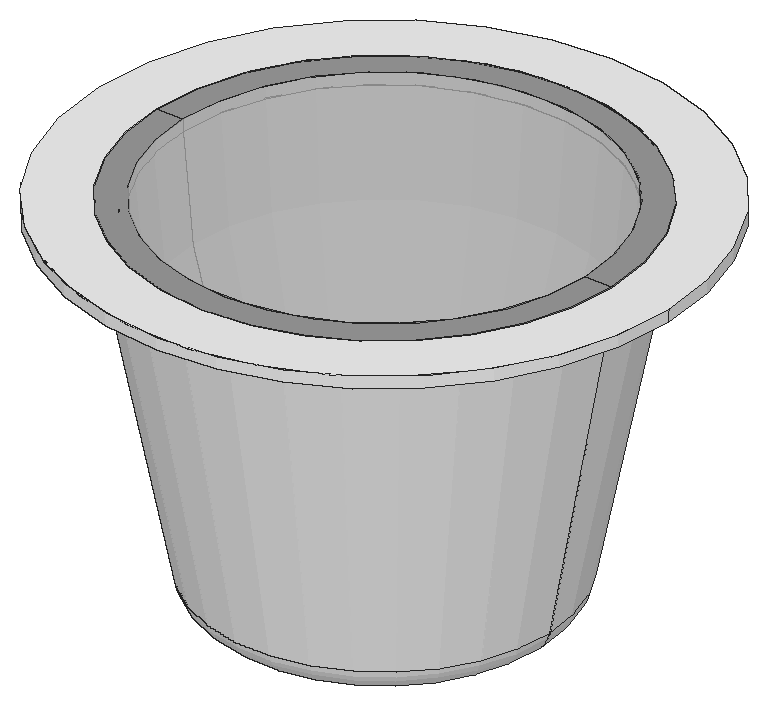
Revit family "2060537 Sylvania Lighting Fixture ASCENT100 II ARCH 2000 4K DALI 120", category Lighting Fixtures, host Face, Revit 2016
Family settings
  Host = Face
  Part Type = Normal
  Round Connector Dimension = Use Diameter
  OmniClass Number = 23.80.70.11.17
  OmniClass Title = Specialized Lighting by Location or Use
  Cut with Voids When Loaded = No
  Light Source = Yes
  Shared = No
  Room Calculation Point = No
Parameters (values of type "2060537 ASCT100 II ARCH 2000 4K DALI 120")
  Weight = "0.715 kg"
  WarrantyStartDate [instance] = "n/a"
  WarrantyGuarantorParts = "n/a"
  WarrantyDurationUnit = "n/a"
  WarrantyDurationParts = "n/a"
  WarrantyDescription = "n/a"
  Voltage = 0 V
  TypeName = "ASCENT100 II ARCH 2000 4K DALI 120"
  SerialNumber [instance] = "n/a"
  ReflectorRadius_SYL = Radius_SYL - 15.0 mm  # 60.0 mm
  PowerFactor = 0
  PowerConsumption = "18 W"
  NominalWidth = 0.0 mm
  NominalLength = 0.0 mm
  NominalHeight = 94.0 mm
  Name = "ASCENT100 II ARCH 2000 4K DALI 120"
  ModelReference = "ASCENT100 II ARCH 2000 4K DALI 120"
  ModelNumber = "2060537"
  Material_4_SYL = Aluminium_Sylvania_Ascent_Silver
  Radius_SYL = 75.0 mm
  Wattage = 18 W
  built-in parameter 1150110 = 1 (stored number, unit not read)
  URL = "http://www.sylvania-lighting.com"
  built-in parameter 1114217 = 1 (stored number, unit not read)
  Tilt Angle = -90°
  built-in parameter 1150109 = 1 (stored number, unit not read)
  built-in parameter 1150134 = 12
  built-in parameter 1150113 = 1 (stored number, unit not read)
  Photometric Web File = "2060537.ies"
  Material = "aluminium housing, acrylic diffuser"
  ManufacturerName = "Feilo Sylvania"
  LuminousEfficacy = "113 lm/W"
  LuminaireType = ""
  LightOutputRatio = "100"
  LampsType = Lamp  # "LED"
  LampNominalLuminous = "2029 lm"
  LampMacAdamStep = "n/a"
  LampColourTemperature = "4000 K"
  LampColourRenderingIndex = "80"
  Keynote = "16500"
  InstallationDate [instance] = "n/a"
  InputVoltage = "n/a"
  InputNominalFrequency = "n/a"
  IngressProtection = "IP40"
  ImpactProtectionIndex = "IK02"
  IfcExportType = "IfcLightFixtureType"
  IfcExportAs = "IfcLightFixtureType"
  Height_SYL = 94.0 mm
  ExpectedLife = 50000
  Emit from Circle Diameter = 2 * DiffuserRadius_SYL  # 106.0 mm
  Emit Shape Visible in Rendering = no
  ElectricShockClassification = "Class II"
  DurationUnit = "hours"
  DocumentationLiterature = "http://www.sylvania-lighting.com/product/en-int/products/2060537"
  DimmingControlOptions = "n/a"
  DiffuserRadius_SYL = ReflectorRadius_SYL - 7.0 mm  # 53.0 mm
  Material_3_SYL = Polycarbonate_Sylvania_Ascent_Clear
  Diameter_SYL = 2 * Radius_SYL  # 150.0 mm
  CutoutDiameter_SYL = Diameter_SYL - 13.0 mm  # 137.0 mm
  CreatedOn = "9/17/2018"
  CreatedBy = "@sylvania-lighting.com"
  built-in parameter 1114216 [instance] = 1 (stored number, unit not read)
  Model = "ASCENT100 II ARCH 2000 4K DALI 120"
  Manufacturer = "Feilo Sylvania"
  built-in parameter 1150105 = 161.86 (stored number, unit not read)
  Lumens = 2034 lm
  built-in parameter 1150115 = 1 (stored number, unit not read)
  built-in parameter 1150137 = (empty or 0)
  built-in parameter 1150139 = (empty or 0)
  built-in parameter 1150112 = 1 (stored number, unit not read)
  built-in parameter 1150114 = 1 (stored number, unit not read)
  Lamp = "LED"
  built-in parameter 1150132 = 2
  built-in parameter 1150102 = (empty or 0)
  built-in parameter 1150107 = 4000 (stored number, unit not read)
  built-in parameter 1150138 = (empty or 0)
  built-in parameter 1150106 = 1.6186 (stored number, unit not read)
  Material_1_SYL = Aluminum_Sylvania_Ascent_White
  built-in parameter 1150104 = 10.498 (stored number, unit not read)
  Dimming Lamp Color Temperature Shift = <None>
  Description = "Direct LED retro fit for original LED 100 Arch (120) single CFL lamp offering Matching lumen levels and improved light distribution of original LED 100 CFL lamp equivalents Typically half the power consumption compared to CFL Up to 104lm/W 120mm aperture Architectural reflector accepts range of glass accessories from existing LED 100 Arch 120 offering HE, HO and VHO versions equivalent of single 1 x 13W, 1 x 18W, 1 x 26W Additional VVHO versions which offer the performance circa 2 x 26W equivalent"  # constant formula
  Default Elevation = 0.0 mm
  Color Filter = 16777215
  built-in parameter 1140040 [instance] = 1
  BarCode [instance] = "n/a"
  built-in parameter 1114218 = 1 (stored number, unit not read)
  built-in parameter 1150133 = 10 (stored number, unit not read)
  AssetType = "Fixed"
  AssetIdentifier [instance] = "n/a"
  Assembly Code = "D5020200"
  Apparent Load = 18 VA
  Aperture_SYL = 2 * ReflectorRadius_SYL  # 120.0 mm
  Material_2_SYL = Aluminum_Sylvania_Ascent_White
Reference planes
  plane 1 "Center (Front/Back)": y = 0
  plane 2: z = 0
  plane 3 "Center (Left/Right)": x = 0
  plane 4 "Fixture Bottom": z = 3
  plane 5: z = -52.5
  plane 6 "Fixture Top": z = -91
Forms (mm)
  Extrusion 1, solid, material "Aluminum_Sylvania_Ascent_White" <- "Material_2_SYL", detail levels fine
    sketch origin (0, 0, 0) x (1, 0, 0) y (0, 1, 0)
      loop
        circle (0, 0) r 75
      loop
        circle (0, 0) r 60
    from 0 to 3
  Extrusion 2, void
    sketch origin (0, 0, 0) x (1, 0, 0) y (0, 1, 0)
      loop
        circle (0, 0) r 68.5
    from -91 to 3
  Revolve 3, solid, material "Aluminum_Sylvania_Ascent_White" <- "Material_1_SYL", detail levels fine
    sketch origin (0, 0, 0) x (1, 0, 0) y (0, 0, 1)
      loop
        line (0, -91.073) -> (0, -89.023) -> (-35.468, -89.014)
        arc (-35.468, -89.014) -> (-39.352, -87.613) -> (-41.54, -84.139) r 6.307
        line (-41.54, -84.139) -> (-57.991, -2.844) -> (-57.991, 0) -> (-60, 0) -> (-60, -3) -> (-43.5, -84.536)
        arc (-43.5, -84.536) -> (-40.643, -89.203) -> (-35.5, -91.073) r 8.291
        line (-35.5, -91.073) -> (0, -91.073)
      axis (0, 0) -> (0, -91.073)
    angle from 0 to 360
  Revolve 4, solid, material "Aluminium_Sylvania_Ascent_Silver" <- "Material_4_SYL", detail levels fine
    sketch origin (0, 0, 0) x (1, 0, 0) y (0, 0, 1)
      loop
        line (-60, 3) -> (-60, 0) -> (-55, 0)
        arc (-55, 0) -> (-52.349, -26.77) -> (-44.5, -52.5) r 136.5
        line (-44.5, -52.5) -> (-38, -52.5)
        arc (-38, -52.5) -> (-36.857, -61.521) -> (-33.5, -69.971) r 36.166
        line (-33.5, -69.971) -> (0, -69.971) -> (0, -50.5) -> (-43.16, -50.5)
        arc (-43.16, -50.5) -> (-50.517, -25.725) -> (-53, 0) r 134.5
        line (-53, 0) -> (-53, 3) -> (-60, 3)
      axis (0, 3) -> (0, -69.971)
    angle from 0 to 360
  Extrusion 5, solid, material "Polycarbonate_Sylvania_Ascent_Clear" <- "Material_3_SYL", detail levels fine
    sketch origin (0, 0, 0) x (1, 0, 0) y (0, 1, 0)
      loop
        circle (0, 0) r 53
    from 0 to 3
  Revolve 6, solid, material "Aluminum_Sylvania_Ascent_White" <- "Material_2_SYL", detail levels coarse+medium
    sketch origin (0, 0, 0) x (1, 0, 0) y (0, 0, 1)
      loop
        line (0, -91.073) -> (0, 3) -> (-75, 3) -> (-75, 0) -> (-60, 0) -> (-60, -3) -> (-43.5, -84.536)
        arc (-43.5, -84.536) -> (-40.643, -89.203) -> (-35.5, -91.073) r 8.291
        line (-35.5, -91.073) -> (0, -91.073)
      axis (0, 3) -> (0, -91.073)
    angle from 0 to 360
Dimensions and locks
  locked: plane 4 "Fixture Bottom" to plane 2 at 3
  "Height_SYL": plane 4 "Fixture Bottom" to plane 6 "Fixture Top"
  "ReflectorRadius_SYL": plane 3 "Center (Left/Right)" to Revolve 4 sketch curve
  locked: Revolve 4 sketch curve to Revolve 4 sketch curve at 15.5
  locked: Revolve 4 sketch curve to Revolve 4 sketch curve at 5
  locked: Revolve 4 sketch curve to Revolve 4 sketch curve at 7
  locked: Revolve 4 sketch curve to Revolve 4 sketch curve at 22
  locked: Revolve 4 sketch curve to Revolve 4 sketch curve at 26.5
  locked: Revolve 3 sketch curve to Revolve 3 sketch curve at 16.5
  locked: Revolve 3 sketch curve to Revolve 3 sketch curve at 24.5
  "ReflectorRadius_SYL": Revolve 3 sketch curve to plane 3 "Center (Left/Right)"
  locked: Revolve 3 sketch curve to plane 6 "Fixture Top" at 6.464
  locked: plane 2 to Revolve 3 sketch curve at 3
  locked: Revolve 3 sketch curve to Revolve 3 sketch curve at 2
  locked: Revolve 3 sketch curve to Revolve 3 sketch curve at 2.009
  locked: plane 2 to plane 5 at 52.5
  locked: Revolve 6 sketch curve to Revolve 6 sketch curve at 31.5
  locked: Revolve 6 sketch curve to Revolve 6 sketch curve at 39.5
  locked: Revolve 6 sketch curve to Revolve 6 sketch curve at 15
  "Radius_SYL": plane 3 "Center (Left/Right)" to Revolve 6 sketch curve
  "CutoutDiameter_SYL": diameter of Extrusion 2 sketch curve
  "ReflectorRadius_SYL": radius of Extrusion 1 sketch curve
  "DiffuserRadius_SYL": radius of Extrusion 5 sketch curve
  "Radius_SYL": radius of Extrusion 1 sketch curve
  aligned and locked: host face to plane 2
  aligned and locked: host face to level
  aligned and locked: plane 1 "Center (Front/Back)" to imposter light
  aligned and locked: plane 3 "Center (Left/Right)" to imposter light
  aligned and locked: plane 4 "Fixture Bottom" to Extrusion 1
  aligned and locked: Extrusion 1 to plane 2
  aligned and locked: Revolve 3 sketch curve to plane 3 "Center (Left/Right)"
  aligned and locked: Revolve 4 sketch curve to plane 3 "Center (Left/Right)"  (x2)
  aligned and locked: plane 4 "Fixture Bottom" to Revolve 4 sketch curve
  aligned and locked: Revolve 3 sketch curve to imposter light
  aligned and locked: Extrusion 5 to plane 2
  aligned and locked: imposter light to Extrusion 5
  aligned and locked: plane 2 to Revolve 3 sketch curve  (x2)
  aligned and locked: Revolve 6 sketch curve to imposter light
  aligned and locked: Revolve 6 sketch curve to plane 3 "Center (Left/Right)"
  aligned and locked: plane 6 "Fixture Top" to Extrusion 2
  aligned and locked: imposter light to Extrusion 2
  aligned and locked: imposter light to plane 4 "Fixture Bottom"
Automatic sketch dimensions
  plane 1 "Center (Front/Back)" to Extrusion 2 sketch curve = 0.0 mm
  Extrusion 2 sketch curve to plane 3 "Center (Left/Right)" = 0.0 mm
  Extrusion 1 sketch curve to Extrusion 1 sketch curve = 0.0 mm  (x2)
  plane 1 "Center (Front/Back)" to Extrusion 1 sketch curve = 0.0 mm
  Extrusion 1 sketch curve to plane 3 "Center (Left/Right)" = 0.0 mm
  plane 6 "Fixture Top" to Revolve 3 sketch curve = 0.073 mm
  Revolve 3 sketch curve to plane 6 "Fixture Top" = 6.861 mm
  Revolve 3 sketch curve to Revolve 3 sketch curve = 0.003 mm
  Revolve 3 sketch curve to Revolve 3 sketch curve = 0.009 mm  (x2)
  Revolve 3 sketch curve to Revolve 3 sketch curve = 0.023 mm
  Revolve 3 sketch curve to Revolve 3 sketch curve = 0.072 mm
  Revolve 3 sketch curve to Revolve 3 sketch curve = 0.008 mm
  Revolve 3 sketch curve to plane 6 "Fixture Top" = 1.977 mm
  Revolve 3 sketch curve to Revolve 3 sketch curve = 33.496 mm
  Revolve 3 sketch curve to Revolve 3 sketch curve = 0.028 mm
  plane 4 "Fixture Bottom" to Revolve 3 sketch curve = 82.431 mm
  Revolve 4 sketch curve to Revolve 4 sketch curve = 0.0 mm  (x2)
  Revolve 4 sketch curve to plane 5 = 0.0 mm
  Revolve 4 sketch curve to level = 0.0 mm
  plane 5 to Revolve 4 sketch curve = 2.0 mm
  plane 4 "Fixture Bottom" to Revolve 4 sketch curve = 9.642 mm
  plane 1 "Center (Front/Back)" to Extrusion 5 sketch curve = 0.0 mm
  Extrusion 5 sketch curve to plane 3 "Center (Left/Right)" = 0.0 mm
  Revolve 4 sketch curve to level = 69.971 mm
  Revolve 4 sketch curve to Revolve 4 sketch curve = 2.387 mm
  Revolve 6 sketch curve to level = 0.0 mm
  Revolve 6 sketch curve to plane 3 "Center (Left/Right)" = 0.0 mm
  Revolve 6 sketch curve to Revolve 6 sketch curve = 8.104 mm
  Revolve 6 sketch curve to level = 3.0 mm
  Revolve 6 sketch curve to plane 6 "Fixture Top" = 6.464 mm
  plane 6 "Fixture Top" to Revolve 6 sketch curve = 0.073 mm
  Revolve 6 sketch curve to Revolve 6 sketch curve = 33.496 mm
  plane 4 "Fixture Bottom" to Revolve 6 sketch curve = 82.431 mm
  host sketch curve to host sketch curve = 1368.192 mm
  host sketch curve to host sketch curve = 1600.367 mm
Connectors
  electrical at (0, 0, -91.073), driven by "Apparent Load"
    settings: on Revolve 3, index 1, voltage 240 V, apparent load 0 VA, apparent load phase1 18 VA, apparent load phase2 0 VA, apparent load phase3 0 VA, power factor 1, load classification "Lighting", number of poles 1, system type 31, power factor state 1, is connector primary yes, connector utility no, sub classification motor no, connector description ""
